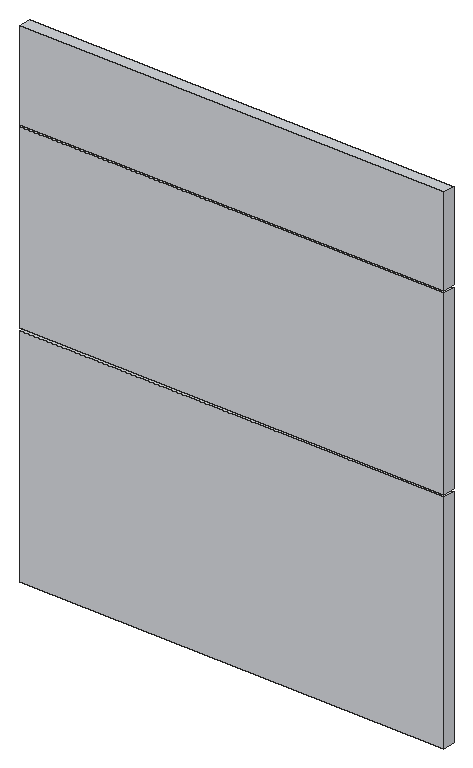
Revit family "Front - 3 Drawers", category Casework, Revit 2022
Family settings
  Work Plane-Based = No
  Always vertical = Yes
  Cut with Voids When Loaded = No
  Shared = No
  Room Calculation Point = No
Parameters (values of type "Front - 3 Drawers")
  Width = 600 mm
  Swing = yes
  Height = 704 mm
  Front Finish = none
  Depth = 16 mm
  Default Elevation = 0 mm
  Creator Organization [instance] = "© Danish Educational Content"  # constant formula
  Creator Name [instance] = "© Erik Falck Jørgensen"  # constant formula
  Creator Build [instance] = "2018.0420.0"  # constant formula
  Assembly Code = ""
Reference planes
  plane 1 "Front": y = 0
  plane 2: z = 0
  plane 3 "Center (Left/Right)": x = 0
  plane 4: x = -300
  plane 5: x = 300
  plane 6: z = 704
  plane 7: z = 576
  plane 8: z = 320
  plane 9: z = 576
  plane 10: z = 320
Forms (mm)
  Extrusion 1, solid, material <- "Front Finish"
    sketch origin (0, 0, 0) x (1, 0, 0) y (0, 0, 1)
      loop
        line (-297, 701) -> (-297, 3) -> (297, 3) -> (297, 701) -> (-297, 701)
    from 0 to 16 <- "Depth"
  Extrusion 2, void
    sketch origin (0, 0, 0) x (0, 1, 0) y (0, 0, 1)
      loop
        line (0, 577.5) -> (-16, 577.5) -> (-16, 574.5) -> (0, 574.5) -> (0, 577.5)
    from -300 to 300
  Extrusion 3, void
    sketch origin (0, 0, -256) x (0, 1, 0) y (0, 0, 1)
      loop
        line (0, 577.5) -> (-16, 577.5) -> (-16, 574.5) -> (0, 574.5) -> (0, 577.5)
    from -300 to 300
Cuts and joins
  Extrusion 2, Extrusion 3 cuts Extrusion 1
Lines and regions (mm)
  symbolic lines, style "Elevation Swing", visible <- "Swing"
    curve 1: line (-279.787, -35.011, 0) -> (279.787, -35.011, 0)
    curve 2: line (-259.597, -69.981, 0) -> (259.597, -69.981, 0)
    curve 3: line (-239.407, -104.951, 0) -> (239.407, -104.951, 0)
  symbolic lines, style "InvisibleLines"
    curve 4: line (-300, 0, 0) -> (-199.009, -174.921, 0)
    curve 5: line (300, 0, 0) -> (199.009, -174.921, 0)
  reference lines
    curve 6: line (-300, 0, 0) -> (-100, -346.41, 0)
    curve 7: line (300, 0, 0) -> (102.5, -342.08, 0)
Dimensions and locks
  equal spacing: plane 4, plane 3 "Center (Left/Right)", plane 5
  "Width": plane 4 to plane 5
  "Height": plane 6 to plane 2
  locked: Extrusion 1 sketch curve to plane 2 at 3
  locked: plane 6 to Extrusion 1 sketch curve at 3
  locked: Extrusion 1 sketch curve to plane 4 at 3
  locked: plane 5 to Extrusion 1 sketch curve at 3
  plane 6 to plane 7 to plane 8 to plane 2 = 128 mm, 256 mm, 320 mm
  equal spacing: Extrusion 2 sketch curve, plane 9, Extrusion 2 sketch curve
  locked: Extrusion 2 sketch curve to Extrusion 2 sketch curve at 3
  equal spacing: Extrusion 3 sketch curve, plane 10, Extrusion 3 sketch curve
  locked: Extrusion 3 sketch curve to Extrusion 3 sketch curve at 3
  curve 3 to curve 2 to curve 1 to plane 1 "Front" = 34.97 mm locked, 34.97 mm locked, 35.011 mm locked
  locked: plane 4 to curve 6 (angle 30.00°)
  locked: curve 7 to plane 5 (angle 30.00°)
  aligned and locked: level to plane 2
  aligned and locked: Extrusion 2 sketch curve to Extrusion 1  (x2)
  aligned and locked: plane 7 to plane 9
  aligned and locked: plane 8 to plane 10
  aligned and locked: cut or joined group of Extrusion 1, Extrusion 2, Extrusion 3 to plane 4  (x2)
  aligned: cut or joined group of Extrusion 1, Extrusion 2, Extrusion 3 to plane 4  (x2)
  aligned: plane 5 to cut or joined group of Extrusion 1, Extrusion 2, Extrusion 3  (x2)
  aligned and locked: plane 5 to cut or joined group of Extrusion 1, Extrusion 2, Extrusion 3  (x2)
  aligned and locked: curve 7 to curve 5
  aligned and locked: curve 4 to curve 6
Automatic sketch dimensions
  Extrusion 3 sketch curve to plane 1 "Front" = 0 mm
  Extrusion 3 sketch curve to Extrusion 3 sketch curve = 16 mm
  plane 1 "Front" to curve 6 = 0 mm
  curve 6 to plane 4 = 0 mm
  plane 1 "Front" to curve 7 = 0 mm
  curve 7 to plane 5 = 0 mm
  plane 1 "Front" to curve 4 = 0 mm
  plane 1 "Front" to curve 5 = 0 mm
  curve 3 to curve 4 = 40.397 mm
  curve 5 to curve 3 = 40.397 mm
